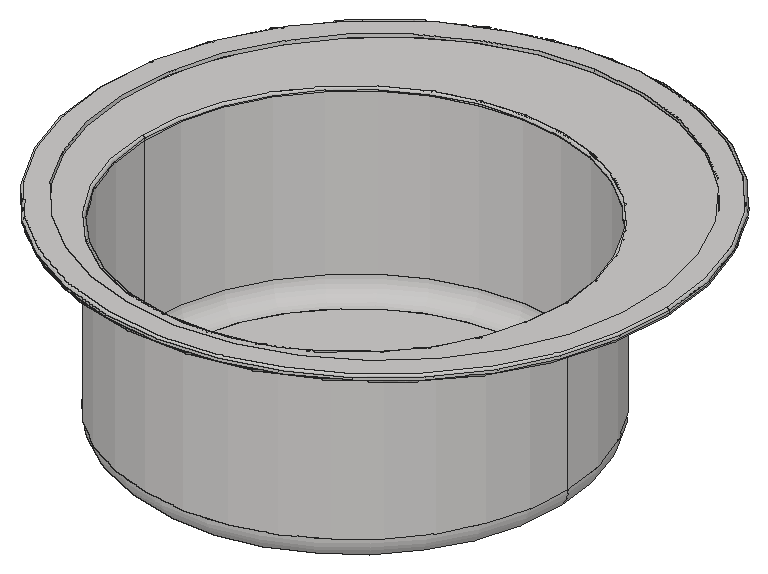
Revit family
Parameters (values of type "Ø 500 X Ø 370")
  Waste Connection Diameter = 90 mm
  Outer Radius Of Bowl = Outer Diameter Of Bowl / 2  # 250 mm
  Inner Radius Void = Outer Radius Of Bowl - 20 mm  # 230 mm
  Inner Radius Of Bowl = Inner Diameter Of Bowl / 2  # 185 mm
  Inner Diameter Offset = 32.5 mm
  Inner Diameter Of Bowl = 370 mm
  Waste Connection Radius = Waste Connection Diameter / 2  # 45 mm
  Waste Connection = 1 = 1  # yes
  WFU = 0
  Vent Connection = 1 = 0  # no
  URL = "http://www.autospec.co.za/browse.php?id=1937217986"
  Product Code = "SPB-THR"
  OmniClass Title = ""
  OmniClass Number = ""
  Modspec Classification = ""
  Specification = ""
  Material = Stainless Steel Grade 304
  Location (revit room) = ""
  Outer Diameter Of Bowl = 500 mm
  HW Connection = 1 = 0  # no
  Description = ""
  Depth Of Bowl = 170 mm
  Colour = none
  CW Connection = 1 = 0  # no
  Body Finish = none
  Model = "Drop-In Preparation Single Bowl With Tap Landing SPB-THR"
  Manufacturer = "Kwikot"  # constant formula
  Assembly Code = "D2010410"
Reference planes
  plane 1 "Center (Front/Back)": y = 0
  plane 2 "Bottom": z = 0
  plane 3 "Center (Left/Right)": x = 0
  plane 4 "Top": z = 170
  plane 5: x = 250
  plane 6: x = -250
  plane 7: x = 185
  plane 8: x = -185
  plane 9: y = -32.5
Forms (mm)
  Extrusion 1, solid, material "Stainless Steel Grade 304" <- "Material"
    sketch origin (-330.571, -1524, 170) x (-1, 0, 0) y (0, -1, 0)
      loop
        circle (-330.571, -1524) r 250
      loop
        circle (-330.571, -1491.5) r 185
    from 0 to -6
  Sweep 2, solid, material "Stainless Steel Grade 304" <- "Material"
    path origin (-330.571, -1524, 170) x (-1, 0, 0) y (0, -1, 0)
      loop
        circle (-330.571, -1491.5) r 185
    profile origin (0, -217.5, 170) x (0, -1, 0) y (0, 0, 1)
      loop
        line (0, -6) -> (0, -150)
        arc (0, -150) -> (-5.126, -162.374) -> (-17.5, -167.5) r 17.5
        line (-17.5, -167.5) -> (-97.5, -167.5) -> (-97.5, -170) -> (-17.5, -170)
        arc (-17.5, -170) -> (-3.358, -164.142) -> (2.5, -150) r 20
        line (2.5, -150) -> (2.5, -6) -> (0, -6)
  Sweep 3, void
    path origin (-330.571, -1524, 170) x (-1, 0, 0) y (0, -1, 0)
      loop
        circle (-330.571, -1524) r 250
    profile origin (0, 250, 170) x (0, -1, 0) y (0, 0, 1)
      loop
        line (0, -6) -> (2, -6)
        arc (2, -6) -> (0.586, -5.414) -> (0, -4) r 2
        line (0, -4) -> (0, -6)
  Sweep 4, void
    path origin (-330.571, -1524, 170) x (-1, 0, 0) y (0, -1, 0)
      loop
        circle (-330.571, -1524) r 250
    profile origin (0, 250, 170) x (0, -1, 0) y (0, 0, 1)
      loop
        line (0, 0) -> (0, -2)
        arc (0, -2) -> (0.586, -0.586) -> (2, 0) r 2
        line (2, 0) -> (0, 0)
  Extrusion 5, solid, material "Stainless Steel Grade 304" <- "Material"
    sketch origin (0, 0, 0) x (1, 0, 0) y (0, 1, 0)
      loop
        circle (0, -32.5) r 90
      loop
        circle (0, -32.5) r 45
    from 0 to 2.5
  Extrusion 6, solid, material "Stainless Steel Grade 304" <- "Material"
    sketch origin (0, 0, 0) x (1, 0, 0) y (0, 1, 0)
      loop
        circle (0, -32.5) r 45
      loop
        circle (0, -32.5) r 30
    from 0 to -10
  Revolve 7, void
    sketch origin (-275.299, -32.5, 4000) x (-1, 0, 0) y (0, 0, 1)
      loop
        line (-320.299, -4010) -> (-305.618, -4010) -> (-320.299, -4001.524) -> (-320.299, -4010)
      axis (-275.299, -4010) -> (-275.299, -4001.524)
    angle from 0 to 360
  Extrusion 8, void
    sketch origin (-330.571, -1524, 170) x (0, -1, 0) y (-1, 0, 0)
      loop
        circle (-1524, -330.571) r 230
    from 0 to 3
  Sweep 9, void
    path origin (-330.571, -1524, 170) x (-1, 0, 0) y (0, -1, 0)
      loop
        circle (-330.571, -1491.5) r 185
    profile origin (0, 152.5, 170) x (0, 1, 0) y (0, 0, 1)
      loop
        line (0, -3) -> (0, -5)
        arc (0, -5) -> (0.586, -3.586) -> (2, -3) r 2
        line (2, -3) -> (0, -3)
Cuts and joins
  Sweep 3, Sweep 4, Revolve 7, Extrusion 8, Sweep 9 cuts Extrusion 1
  Sweep 3, Sweep 4, Revolve 7, Extrusion 8, Sweep 9 cuts Sweep 2
  Revolve 7, Extrusion 8, Sweep 9 cuts Extrusion 5
  Revolve 7, Extrusion 8, Sweep 9 cuts Extrusion 6
  joined: Extrusion 1, Sweep 2, Extrusion 5, Extrusion 6
Lines and regions (mm)
  symbolic lines
    curve 1: arc (-185, -32.5, 170) -> (0, 152.5, 170) -> (185, -32.5, 170) r 185
    curve 2: arc (185, -32.5, 170) -> (0, -217.5, 170) -> (-185, -32.5, 170) r 185
    curve 3: arc (250, 0, 170) -> (0, 250, 170) -> (-250, 0, 170) r 250
    curve 4: arc (-250, 0, 170) -> (0, -250, 170) -> (250, 0, 170) r 250
    curve 5: arc (45, -32.5, 170) -> (0, -77.5, 170) -> (-45, -32.5, 170) r 45
    curve 6: arc (-45, -32.5, 170) -> (0, 12.5, 170) -> (45, -32.5, 170) r 45
    curve 7: arc (0, -230, 170) -> (-230, 0, 170) -> (0, 230, 170) r 230
    curve 8: arc (0, 230, 170) -> (230, 0, 170) -> (0, -230, 170) r 230
Dimensions and locks
  "Depth Of Bowl": plane 4 "Top" to plane 2 "Bottom"
  Sweep 2 sketch curve to Sweep 2 sketch curve = 100 mm
  "Inner Diameter Offset": plane 9 to plane 1 "Center (Front/Back)"
  "Outer Diameter Of Bowl": plane 6 to plane 5
  equal spacing: plane 6, plane 3 "Center (Left/Right)", plane 5
  "Inner Diameter Of Bowl": plane 8 to plane 7
  equal spacing: plane 8, plane 3 "Center (Left/Right)", plane 7
  "Outer Radius Of Bowl": radius of Extrusion 1 sketch curve
  "Inner Radius Of Bowl": radius of Extrusion 1 sketch curve
  "Waste Connection Radius": radius of Extrusion 5 sketch curve
  radius of Extrusion 6 sketch curve = 30 mm
  "Inner Radius Void": radius of Extrusion 8 sketch curve
  aligned and locked: level to plane 2 "Bottom"
  aligned and locked: plane 1 "Center (Front/Back)" to Extrusion 1 sketch curve
  aligned and locked: plane 3 "Center (Left/Right)" to Extrusion 1 sketch curve  (x2)
  aligned and locked: Sweep 2 sketch curve to Extrusion 1  (x2)
  aligned and locked: Sweep 2 sketch curve to profile plane
  aligned and locked: level to Sweep 2 sketch curve
  aligned and locked: Extrusion 1 to Sweep 2 sketch curve
  aligned and locked: Sweep 3 sketch curve to cut or joined group of Extrusion 1, Sweep 2, Sweep 3, Sweep 4, Extrusion 5, Extrusion 6, Revolve 7, Extrusion 8, Sweep 9  (x3)
  aligned and locked: profile plane to Sweep 3 sketch curve
  aligned and locked: curve 1 to cut or joined group of Extrusion 1, Sweep 2, Sweep 3, Sweep 4, Extrusion 5, Extrusion 6, Revolve 7, Extrusion 8, Sweep 9
  aligned and locked: curve 2 to cut or joined group of Extrusion 1, Sweep 2, Sweep 3, Sweep 4, Extrusion 5, Extrusion 6, Revolve 7, Extrusion 8, Sweep 9
  aligned and locked: curve 3 to cut or joined group of Extrusion 1, Sweep 2, Sweep 3, Sweep 4, Extrusion 5, Extrusion 6, Revolve 7, Extrusion 8, Sweep 9
  aligned and locked: curve 4 to cut or joined group of Extrusion 1, Sweep 2, Sweep 3, Sweep 4, Extrusion 5, Extrusion 6, Revolve 7, Extrusion 8, Sweep 9
  aligned and locked: Sweep 4 sketch curve to cut or joined group of Extrusion 1, Sweep 2, Sweep 3, Sweep 4, Extrusion 5, Extrusion 6, Revolve 7, Extrusion 8, Sweep 9  (x2)
  aligned and locked: profile plane to Sweep 4 sketch curve
  aligned and locked: cut or joined group of Extrusion 1, Sweep 2, Sweep 3, Sweep 4, Extrusion 5, Extrusion 6, Revolve 7, Extrusion 8, Sweep 9 to Sweep 4 sketch curve
  aligned and locked: plane 3 "Center (Left/Right)" to Extrusion 5 sketch curve
  aligned and locked: plane 9 to Extrusion 1 sketch curve
  aligned and locked: plane 9 to Extrusion 5 sketch curve
  aligned and locked: curve 5 to cut or joined group of Extrusion 1, Sweep 2, Sweep 3, Sweep 4, Extrusion 5, Extrusion 6, Revolve 7, Extrusion 8, Sweep 9
  aligned and locked: curve 6 to cut or joined group of Extrusion 1, Sweep 2, Sweep 3, Sweep 4, Extrusion 5, Extrusion 6, Revolve 7, Extrusion 8, Sweep 9
  aligned and locked: Extrusion 6 sketch curve to cut or joined group of Extrusion 1, Sweep 2, Sweep 3, Sweep 4, Extrusion 5, Extrusion 6, Revolve 7, Extrusion 8, Sweep 9  (x2)
  aligned and locked: plane 9 to Extrusion 6 sketch curve
  aligned and locked: plane 3 "Center (Left/Right)" to Extrusion 6 sketch curve
  aligned and locked: Revolve 7 sketch curve to plane 3 "Center (Left/Right)"
  aligned and locked: Revolve 7 sketch curve to cut or joined group of Extrusion 1, Sweep 2, Sweep 3, Sweep 4, Extrusion 5, Extrusion 6, Revolve 7, Extrusion 8, Sweep 9
  aligned and locked: plane 3 "Center (Left/Right)" to Extrusion 8 sketch curve
  aligned and locked: plane 1 "Center (Front/Back)" to Extrusion 8 sketch curve
  aligned and locked: Sweep 9 sketch curve to cut or joined group of Extrusion 1, Sweep 2, Sweep 3, Sweep 4, Extrusion 5, Extrusion 6, Revolve 7, Extrusion 8, Sweep 9  (x2)
  aligned and locked: profile plane to Sweep 9 sketch curve
  aligned and locked: cut or joined group of Extrusion 1, Sweep 2, Sweep 3, Sweep 4, Extrusion 5, Extrusion 6, Revolve 7, Extrusion 8, Sweep 9 to Sweep 9 sketch curve
  aligned and locked: curve 7 to cut or joined group of Extrusion 1, Sweep 2, Sweep 3, Sweep 4, Extrusion 5, Extrusion 6, Revolve 7, Extrusion 8, Sweep 9
  aligned and locked: curve 8 to cut or joined group of Extrusion 1, Sweep 2, Sweep 3, Sweep 4, Extrusion 5, Extrusion 6, Revolve 7, Extrusion 8, Sweep 9
Automatic sketch dimensions
  Sweep 3 sketch curve to profile plane = 2 mm
  Sweep 3 sketch curve to Sweep 3 sketch curve = 2 mm
  Sweep 3 sketch curve to plane 4 "Top" = 4 mm
  Sweep 3 sketch curve to Sweep 3 sketch curve = 0 mm
  Sweep 3 sketch curve to profile plane = 0 mm
  Sweep 4 sketch curve to plane 4 "Top" = 2 mm
  Sweep 4 sketch curve to Sweep 4 sketch curve = 2 mm
  Sweep 4 sketch curve to Sweep 4 sketch curve = 0 mm
  Sweep 4 sketch curve to plane 4 "Top" = 0 mm
  Sweep 4 sketch curve to profile plane = 0 mm
  Sweep 2 sketch curve to Sweep 2 sketch curve = 0 mm  (x2)
  profile plane to Sweep 2 sketch curve = 17.5 mm
  Sweep 2 sketch curve to Sweep 2 sketch curve = 2.5 mm
  Revolve 7 sketch curve to level = 1.524 mm
  Revolve 7 sketch curve to Revolve 7 sketch curve = 14.681 mm
  plane 3 "Center (Left/Right)" to Revolve 7 sketch curve = 30.319 mm
  Revolve 7 sketch curve to level = 23.189 mm
  level to Revolve 7 sketch curve = 14.126 mm
  Extrusion 5 sketch curve to Extrusion 5 sketch curve = 0 mm  (x2)
  Extrusion 5 sketch curve to plane 3 "Center (Left/Right)" = 90 mm
  Sweep 9 sketch curve to Sweep 9 sketch curve = 2 mm  (x2)
  Sweep 9 sketch curve to Sweep 9 sketch curve = 0 mm  (x2)
  Sweep 9 sketch curve to profile plane = 0 mm
Connectors
  piping at (0, -32.5, 0), driven by "Waste Connection Radius", driven by "WFU"
    settings: on cut or joined group of Extrusion 1, Sweep 2, Sweep 3, Sweep 4, Extrusion 5, Extrusion 6, Revolve 7, Extrusion 8, Sweep 9, index 1, connector radius 45 mm, flow factor 0, pipe flow 0.0 L/s, pressure drop 0.0 Pa, fitting loss kfactor 0, connector angle 0.00°, fixture units 0, flow configuration 3, flow direction 2, fitting loss method 4, system type 16, connector reference index -1, connector utility 0, adjustable connector no, is connector primary yes, fitting loss table "", connector description "Waste Connection"
